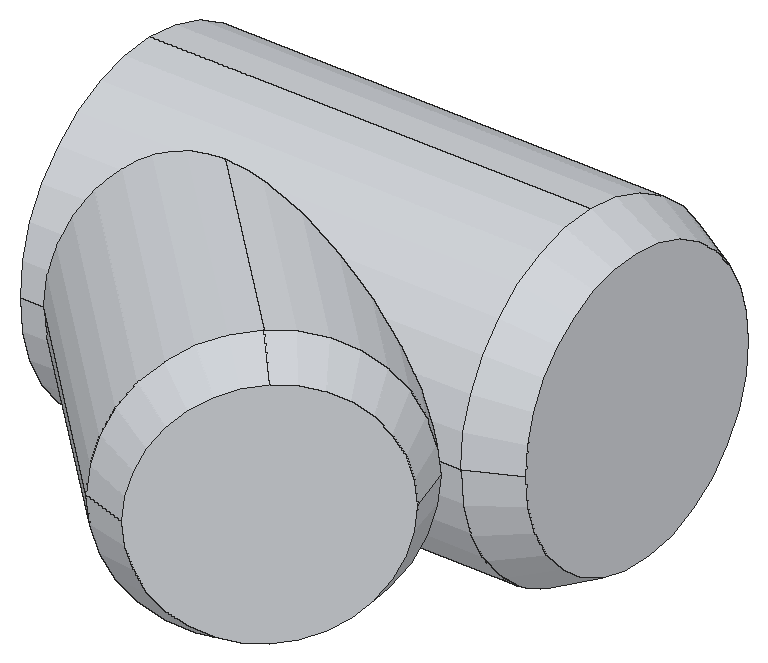
Revit family "241d36e6cf774e10817afd0e047edb29", category Duct Fittings, Revit 2021
Family settings
  Round Connector Dimension = Use Radius
  Part Type = Lateral Tee
  OmniClass Number = 23.75.70.14
  OmniClass Title = Air Ductwork
  Seek Item ID = Round Wye with Transition - Lateral - Conical-0000-USA-ENU
  Work Plane-Based = No
  Always vertical = Yes
  Cut with Voids When Loaded = No
  Shared = No
Parameters (values of type "Standard")
  Length 5 [instance] = Radius 3 / sin(45.00°)  # 8.48528"
  Length 4 [instance] = (Duct Length 1 + Shoulder Length) / sin(45.00°)  # 7.41421"
  Duct Length 1 [instance] = (Radius 3) * sin(45.00°)  # 4.24264"
  Length 3 [instance] = Duct Radius 3 / sin(45.00°)  # 7.07107"
  Shoulder Length [instance] = 1"
  Radius 3 [instance] = Duct Radius 3 + 0' 1"  # 6"
  Duct Radius 3 [instance] = 5"
  Duct Radius 2 [instance] = 6"
  Duct Radius 1 [instance] = 7"
  Duct Length 3 [instance] = 2 * (Radius 3 - Duct Radius 3)  # 2"
  Duct Length 2 [instance] = if(Duct Diameter 1 > Duct Diameter 2, Duct Diameter 1 - Duct Diameter 2, Duct Diameter 2 - Duct Diameter 1 + 0' 1")  # 2"
  Duct Length 4 [instance] = 2 * (Shoulder Length + Length 5)  # 18.97056"
  Duct Length 5 [instance] = Length 4 + Radius 3 + Shoulder Length  # 14.41421"
  Length 2 [instance] = if(Length 3 > Duct Radius 1, Length 3 - Duct Radius 1, Duct Radius 1 - Length 3)  # 0.07107"
  Length 1 [instance] = abs(Duct Radius 1 - Shoulder Length - Duct Length 1)  # 1.75736"
  Duct Diameter 3 [instance] = Duct Radius 3 * 2  # 10"
  Duct Diameter 2 [instance] = Duct Radius 2 * 2  # 12"
  Duct Diameter 1 [instance] = Duct Radius 1 * 2  # 14"
  Default Elevation = 0' - 0"
  Assembly Code = ""
Reference planes (in)
  plane 1 "Center (Front/Back)": y = 0
  plane 2: z = 0
  plane 3 "Center (Left/Right)": x = 0
  plane 4: x = 4.24264
  plane 5: y = -1.75736
  plane 6: x = 18.97056
  plane 7: x = 20.97056
Forms (in)
  Sweep 1, solid, detail levels medium+fine
    path in 3D
      loop
        line (4.24264, -1.75736, 0) -> (14.43503, -11.94975, 0)
    profile "Duct - Round : Duct - Round 3" origin (9.33883, -6.85355, 0) x (0.707107, 0.707107, 0) y (0, 0, 1)
      loop
        arc (-6, 0) -> (-4.24264, -4.24264) -> (0, -6) r 6
        arc (0, -6) -> (4.24264, -4.24264) -> (6, 0) r 6
        arc (6, 0) -> (4.24264, 4.24264) -> (0, 6) r 6
        arc (0, 6) -> (-4.24264, 4.24264) -> (-6, 0) r 6
  Sweep 2, solid, detail levels medium+fine
    path in 3D
      loop
        line (18.97056, 0, 0) -> (0, 0, 0)
    profile "Duct - Round : Duct - Round 1" origin (9.48528, 0, 0) x (0, -1, 0) y (0, 0, 1)
      loop
        arc (-7, 0) -> (-4.94975, -4.94975) -> (0, -7) r 7
        arc (0, -7) -> (4.94975, -4.94975) -> (7, 0) r 7
        arc (7, 0) -> (4.94975, 4.94975) -> (0, 7) r 7
        arc (0, 7) -> (-4.94975, 4.94975) -> (-7, 0) r 7
  Blend 3, solid, detail levels medium+fine
    base sketch origin (18.97056, 0, 0) x (0, 1, 0) y (0, 0, 1)
      loop
        circle (0, 0) r 7
    top sketch origin (18.97056, 0, 0) x (0, 1, 0) y (0, 0, 1)
      loop
        circle (0, 0) r 6
    from 0 to 2 <- "Duct Length 2"
  Blend 4, solid, detail levels medium+fine
    base sketch origin (14.43503, -11.94975, 0) x (0, 0, 1) y (-0.707107, -0.707107, 0)
      loop
        arc (0, 6) -> (-4.24264, 4.24264) -> (-6, 0) r 6
        arc (-6, 0) -> (-4.24264, -4.24264) -> (0, -6) r 6
        arc (0, -6) -> (4.24264, -4.24264) -> (6, 0) r 6
        arc (6, 0) -> (4.24264, 4.24264) -> (0, 6) r 6
    top sketch origin (14.43503, -11.94975, 0) x (0, 0, 1) y (-0.707107, -0.707107, 0)
      loop
        arc (0, 5) -> (-3.53553, 3.53553) -> (-5, 0) r 5
        arc (-5, 0) -> (-3.53553, -3.53553) -> (0, -5) r 5
        arc (0, -5) -> (3.53553, -3.53553) -> (5, 0) r 5
        arc (5, 0) -> (3.53553, 3.53553) -> (0, 5) r 5
    from 0 to 2 <- "Duct Length 3"
  Extrusion 5, solid, detail levels medium+fine
    sketch origin (20.97056, 0, 0) x (0, 1, 0) y (0, 0, 1)
      loop
        circle (0, 0) r 0.05
    from -2 to 0
Cuts and joins
  joined: Sweep 1, Sweep 2, Blend 3, Blend 4, Extrusion 5
Lines and regions (in)
  reference lines
    curve 1: line (0, 0, 0) -> (0.5, 0, 0)
    curve 2: line (4.24264, -1.75736, 0) -> (14.43503, -11.94975, 0)
    curve 4: line (18.97056, 0, 0) -> (0, 0, 0)
    curve 6: line (14.43503, -11.94975, 0) -> (15.84924, -13.36396, 0)
    curve 7: line (18.97056, 0, 0) -> (20.97056, 0, 0)
  sketch lines
    curve 3: line (4.24264, -1.75736, 0) -> (14.43503, -11.94975, 0)
    curve 5: line (18.97056, 0, 0) -> (0, 0, 0)
  model lines, style "DuctFitting", detail levels coarse
    curve 8: line (0, 0, 0) -> (20.97056, 0, 0)
    curve 9: line (4.24264, -1.75736, 0) -> (14.43503, -11.94975, 0)
    curve 10: line (15.84924, -13.36396, 0) -> (14.43503, -11.94975, 0)
  model lines, detail levels coarse
    curve 11: line (4.24264, -1.75736, 0) -> (4.24264, 0, 0)
Dimensions and locks (in)
  "Length 1": plane 5 to plane 1 "Center (Front/Back)"
  "Duct Length 1": plane 3 "Center (Left/Right)" to plane 4
  "Duct Length 5": curve 2 to curve 2
  "Duct Length 4": plane 3 "Center (Left/Right)" to plane 6
  "Duct Length 2": plane 6 to plane 7
  "Duct Length 3": curve 6 to curve 6
  "Duct Radius 1": radius of Blend 3 sketch curve
  "Duct Radius 2": radius of Blend 3 sketch curve
  radius of Sweep 1 = 0' - 6"
  "Duct Radius 3": radius of Blend 4 sketch curve
  radius of Extrusion 5 sketch curve = 0' - 0.05"
  locked: curve 2 to plane 5 (angle 45.00°)
  angle curve 6 to plane 5 = 45.00°
  locked: curve 10 to plane 5 (angle 45.00°)
  aligned and locked: plane 3 "Center (Left/Right)" to curve 4
  aligned and locked: plane 6 to curve 4
  aligned and locked: curve 4 to plane 1 "Center (Front/Back)"
  aligned and locked: plane 7 to curve 7
  aligned and locked: plane 1 "Center (Front/Back)" to Blend 3 sketch curve  (x2)
  aligned and locked: plane 2 to Blend 3 sketch curve  (x2)
  aligned and locked: plane 4 to curve 9
  aligned and locked: curve 9 to curve 2
  aligned and locked: Blend 4 to curve 10
  aligned and locked: plane 2 to Extrusion 5 sketch curve
  aligned and locked: plane 1 "Center (Front/Back)" to Extrusion 5 sketch curve
  aligned and locked: Extrusion 5 to plane 6
  aligned and locked: plane 7 to Extrusion 5
Automatic sketch dimensions
  curve 1 to plane 1 "Center (Front/Back)" = 0' - 0"
  curve 1 to plane 3 "Center (Left/Right)" = 0' - 0"
  curve 2 to plane 4 = 0' - 0"
  curve 2 to plane 5 = 0' - 0"
  plane 3 "Center (Left/Right)" to curve 1 = 0' - 0 1/2"
  Blend 4 sketch curve to Blend 4 sketch curve = 0' - 0"  (x14)
  curve 8 to plane 3 "Center (Left/Right)" = 0' - 0"
  curve 8 to plane 7 = 0' - 0"
  curve 8 to plane 1 "Center (Front/Back)" = 0' - 0"
  radius of Blend 4 sketch curve to Sweep 1 = 0' - 0"
Connectors (in)
  hvac at (0, 0, 0), driven by "Duct Radius 1"
    settings: on cut or joined group of Sweep 1, Sweep 2, Blend 3, Blend 4, Extrusion 5, index 1, duct flow 0 CFM, flow factor 0, pres drop 0.00 in-wg, loss coef 0, conn angle 0.00°, conn width 12", conn height 12", conn diameter 14", duct sys type 28, conn prof type 0, flow config 0, flow direction 0, loss method 0, conn ref index 2, conn util no, is conn primary yes, conn desc ""
  hvac at (20.97056, 0, 0), driven by "Duct Radius 2"
    settings: on Extrusion 5, index 2, duct flow 0 CFM, flow factor 0, pres drop 0.00 in-wg, loss coef 0, conn angle 0.00°, conn width 12", conn height 12", conn diameter 12", duct sys type 28, conn prof type 0, flow config 0, flow direction 0, loss method 0, conn ref index 1, conn util no, is conn primary no, conn desc ""
  hvac at (15.84924, -13.36396, 0), driven by "Duct Radius 3"
    settings: on cut or joined group of Sweep 1, Sweep 2, Blend 3, Blend 4, Extrusion 5, index 3, duct flow 0 CFM, flow factor 0, pres drop 0.00 in-wg, loss coef 0, conn angle 0.00°, conn width 12", conn height 12", conn diameter 10", duct sys type 28, conn prof type 0, flow config 0, flow direction 0, loss method 0, conn ref index -1, conn util no, is conn primary no, conn desc ""
